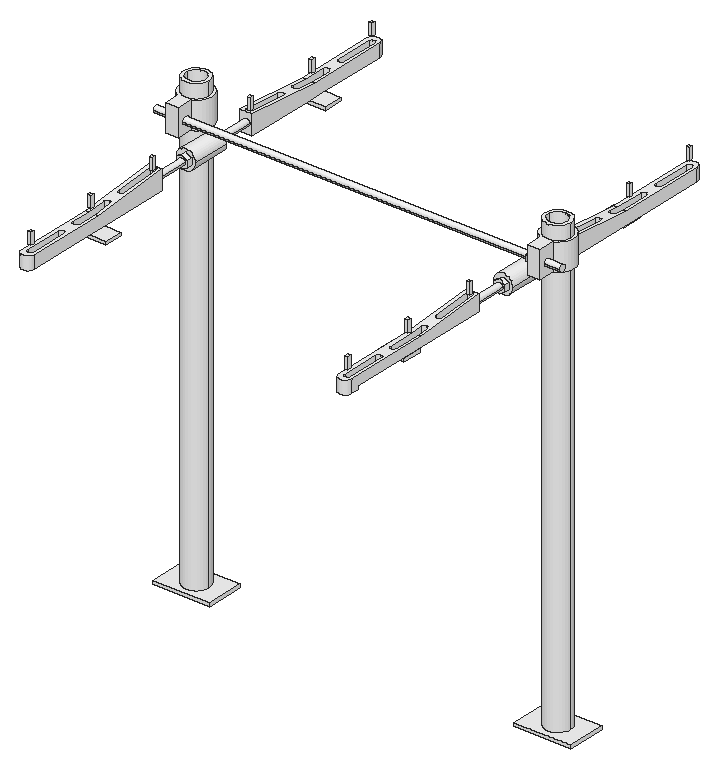
Revit family "Plumbing Fixture-Water_Closet_Carrier_Mifab_MC-41D-R", category Plumbing Fixtures, host Face, Revit 2013
Parameters (values of type "41D-R")
  WFU = 0
  URL = "www.mifab.com"
  Model = "MC-41D-R"
  Manufacturer = "MIFAB"
  Floor Drain Material = Paint - Sherwin Williams Paint - #952C2A - Bellwood Red
  Description = "Back To Back Fixture Carrier With Concealed Arms And Round Uprights For Ada Lavatories"
  Default Elevation = 0.000"
  Assembly Code = ""
Reference planes (in)
  plane 1 "Center (Front/Back)": y = 0
  plane 2: z = 0
  plane 3 "Center (Left/Right)": x = 0
Forms (in)
  Extrusion 1, solid, material "Paint - Sherwin Williams Paint - #952C2A - Bellwood Red" <- "Floor Drain Material"
    sketch origin (-0.29196, 0, 0) x (1, 0, 0) y (0, 1, 0)
      loop
        line (-16.49824, 1.5) -> (-16.49824, -1.5) -> (-11.99824, -1.5) -> (-11.99824, 1.5) -> (-16.49824, 1.5)
      loop
        line (16.50176, 1.5) -> (12.00176, 1.5) -> (12.00176, -1.5) -> (16.50176, -1.5) -> (16.50176, 1.5)
    from 0 to 0.25
  Extrusion 2, solid, material "Paint - Sherwin Williams Paint - #952C2A - Bellwood Red" <- "Floor Drain Material"
    sketch origin (-0.29196, 0, 0) x (1, 0, 0) y (0, 1, 0)
      loop
        circle (14.25176, 0) r 1
      loop
        circle (14.25176, 0) r 0.75
      loop
        circle (-14.24824, 0) r 1
      loop
        circle (-14.24824, 0) r 0.75
    from 0.25 to 36
  Extrusion 3, solid, material "Paint - Sherwin Williams Paint - #952C2A - Bellwood Red" <- "Floor Drain Material"
    sketch origin (11.65492, 0.03947, -1.5) x (0, 1, 0) y (0, 0, 1)
      loop
        line (-6.17964, 33.09919) -> (-6.17964, 34.3425) -> (-11.80094, 33.8507) -> (-18.14504, 33.8507) -> (-18.14504, 33.09919) -> (-6.17964, 33.09919)
    from 0 to 1
  Extrusion 4, solid, material "Paint - Sherwin Williams Paint - #952C2A - Bellwood Red" <- "Floor Drain Material"
    sketch origin (-2.04196, 41.8128, -1.23753) x (1, 0, 0) y (0, 0, 1)
      loop
        circle (14.25176, 33.3507) r 0.25
      loop
        circle (-10.74824, 33.3507) r 0.25
    from 45.38789 to 47.95296
  Extrusion 5, solid, material "Paint - Sherwin Williams Paint - #952C2A - Bellwood Red" <- "Floor Drain Material"
    sketch origin (-0.29196, -1.6872, -1.5) x (1, 0, 0) y (0, 0, 1)
      loop
        line (12.05665, 33.87016) -> (12.05665, 33.35618) -> (12.50176, 33.09919) -> (12.94688, 33.35618) -> (12.94688, 33.87016) -> (12.50176, 34.12715) -> (12.05665, 33.87016)
      loop
        line (-12.05312, 33.87016) -> (-12.49824, 34.12715) -> (-12.94335, 33.87016) -> (-12.94335, 33.35618) -> (-12.49824, 33.09919) -> (-12.05312, 33.35618) -> (-12.05312, 33.87016)
    from 1.5 to 1.88789
  Extrusion 6, solid, material "Paint - Sherwin Williams Paint - #952C2A - Bellwood Red" <- "Floor Drain Material"
    sketch origin (-12.33166, -0.5659, -1.5) x (0, 1, 0) y (0, 0, -1)
      loop
        line (-5.57427, -32.8507) -> (-17.53967, -32.8507) -> (-17.53967, -33.8507) -> (-11.80094, -33.8507) -> (-5.57427, -34.39547) -> (-5.57427, -32.8507)
    from 0 to 1
  Extrusion 7, solid, material "Paint - Sherwin Williams Paint - #952C2A - Bellwood Red" <- "Floor Drain Material"
    sketch origin (1.46157, -1.6872, 31.3507) x (-1, 0, 0) y (0, -1, 0)
      loop
        line (13.79323, 16.41836) -> (14.79323, 16.41836) -> (14.79323, 17)
        arc (14.79323, 17) -> (14.29323, 17.5) -> (13.79323, 17) r 0.5
        line (13.79323, 17) -> (13.79323, 16.41836)
    from 0 to 1
  Extrusion 8, solid, material "Paint - Sherwin Williams Paint - #952C2A - Bellwood Red" <- "Floor Drain Material"
    sketch origin (-2.04196, -1.6872, 31.3507) x (1, 0, 0) y (0, 1, 0)
      loop
        line (13.69688, -16.41836) -> (13.69688, -17)
        arc (13.69688, -17) -> (14.19688, -17.5) -> (14.69688, -17) r 0.5
        line (14.69688, -17) -> (14.69688, -16.41836) -> (13.69688, -16.41836)
    from 0 to 1
  Extrusion 9, void
    sketch origin (-0.29196, -1.6872, -1.5) x (1, 0, 0) y (0, 1, 0)
      loop
        line (-12.74824, -4.80094) -> (-12.74824, -7.80094)
        arc (-12.74824, -7.80094) -> (-12.49824, -8.05094) -> (-12.24824, -7.80094) r 0.25
        line (-12.24824, -7.80094) -> (-12.24824, -4.80094)
        arc (-12.24824, -4.80094) -> (-12.49824, -4.55094) -> (-12.74824, -4.80094) r 0.25
      loop
        line (-12.74824, -9.30094) -> (-12.74824, -12.30094)
        arc (-12.74824, -12.30094) -> (-12.49824, -12.55094) -> (-12.24824, -12.30094) r 0.25
        line (-12.24824, -12.30094) -> (-12.24824, -9.30094)
        arc (-12.24824, -9.30094) -> (-12.49824, -9.05094) -> (-12.74824, -9.30094) r 0.25
      loop
        line (-12.74824, -13.80094) -> (-12.74824, -16.80094)
        arc (-12.74824, -16.80094) -> (-12.49824, -17.05094) -> (-12.24824, -16.80094) r 0.25
        line (-12.24824, -16.80094) -> (-12.24824, -13.80094)
        arc (-12.24824, -13.80094) -> (-12.49824, -13.55094) -> (-12.74824, -13.80094) r 0.25
      loop
        arc (12.75176, -4.80094) -> (12.50176, -4.55094) -> (12.25176, -4.80094) r 0.25
        line (12.25176, -4.80094) -> (12.25176, -7.80094)
        arc (12.25176, -7.80094) -> (12.50176, -8.05094) -> (12.75176, -7.80094) r 0.25
        line (12.75176, -7.80094) -> (12.75176, -4.80094)
      loop
        arc (12.75176, -9.30094) -> (12.50176, -9.05094) -> (12.25176, -9.30094) r 0.25
        line (12.25176, -9.30094) -> (12.25176, -12.30094)
        arc (12.25176, -12.30094) -> (12.50176, -12.55094) -> (12.75176, -12.30094) r 0.25
        line (12.75176, -12.30094) -> (12.75176, -9.30094)
      loop
        arc (12.75176, -13.80094) -> (12.50176, -13.55094) -> (12.25176, -13.80094) r 0.25
        line (12.25176, -13.80094) -> (12.25176, -16.80094)
        arc (12.25176, -16.80094) -> (12.50176, -17.05094) -> (12.75176, -16.80094) r 0.25
        line (12.75176, -16.80094) -> (12.75176, -13.80094)
    from 33.29844 to 34.37564
  Extrusion 10, solid, material "Paint - Sherwin Williams Paint - #952C2A - Bellwood Red" <- "Floor Drain Material"
    sketch origin (-2.04196, -1.6872, -1.5) x (1, 0, 0) y (0, 1, 0)
      loop
        line (14.37676, -16.67594) -> (14.12676, -16.67594) -> (14.12676, -16.92594) -> (14.37676, -16.92594) -> (14.37676, -16.67594)
      loop
        line (14.37676, -4.95816) -> (14.37676, -4.74539) -> (14.12676, -4.74539) -> (14.12676, -4.95816) -> (14.37676, -4.95816)
      loop
        line (-10.87324, -16.67594) -> (-10.87324, -16.92594) -> (-10.62324, -16.92594) -> (-10.62324, -16.67594) -> (-10.87324, -16.67594)
      loop
        line (-10.87324, -4.95816) -> (-10.62324, -4.95816) -> (-10.62324, -4.70816) -> (-10.87324, -4.70816) -> (-10.87324, -4.95816)
    from 33.29844 to 35.29844
  Extrusion 11, solid, material "Paint - Sherwin Williams Paint - #952C2A - Bellwood Red" <- "Floor Drain Material"
    sketch origin (-2.04196, -1.6872, -0.85721) x (1, 0, 0) y (0, 1, 0)
      loop
        line (12.50176, -10.07993) -> (12.50176, -11.57993) -> (14.50176, -11.57993) -> (14.50176, -10.07993) -> (12.50176, -10.07993)
      loop
        line (-8.99824, -10.07993) -> (-10.99824, -10.07993) -> (-10.99824, -11.57993) -> (-8.99824, -11.57993) -> (-8.99824, -10.07993)
    from 31.95792 to 32.20792
  Extrusion 12, solid, material "Paint - Sherwin Williams Paint - #952C2A - Bellwood Red" <- "Floor Drain Material"
    sketch origin (-2.04196, 4.2109, -1.5) x (1, 0, 0) y (0, 1, 0)
      loop
        line (14.37676, -16.67594) -> (14.12676, -16.67594) -> (14.12676, -16.92594) -> (14.37676, -16.92594) -> (14.37676, -16.67594)
      loop
        line (-10.87324, -16.67594) -> (-10.87324, -16.92594) -> (-10.62324, -16.92594) -> (-10.62324, -16.67594) -> (-10.87324, -16.67594)
    from 33.29844 to 35.29844
  Extrusion 13, solid, material "Paint - Sherwin Williams Paint - #952C2A - Bellwood Red" <- "Floor Drain Material"
    sketch origin (63.95522, -0.89604, -2.25) x (0, 1, 0) y (0, 0, 1)
      loop
        circle (-0.85396, 36.06641) r 0.25
    from -80.24542 to -48.24542
  Extrusion 14, solid, material "Paint - Sherwin Williams Paint - #952C2A - Bellwood Red" <- "Floor Drain Material"
    sketch origin (11.65492, -3.41387, -1.5) x (0, -1, 0) y (0, 0, -1)
      loop
        line (-6.17964, -32.8507) -> (-18.14504, -32.8507) -> (-18.14504, -33.8507) -> (-11.80094, -33.8507) -> (-6.17964, -34.3425) -> (-6.17964, -32.8507)
    from 0 to 1
  Extrusion 15, solid, material "Paint - Sherwin Williams Paint - #952C2A - Bellwood Red" <- "Floor Drain Material"
    sketch origin (-2.04196, -1.6872, -1.23753) x (1, 0, 0) y (0, 0, -1)
      loop
        circle (14.25176, -33.3507) r 0.25
      loop
        circle (-10.74824, -33.3507) r 0.25
    from 1.88789 to 4.45296
  Extrusion 16, solid, material "Paint - Sherwin Williams Paint - #952C2A - Bellwood Red" <- "Floor Drain Material"
    sketch origin (-0.29196, -1.6872, -1.5) x (1, 0, 0) y (0, 0, -1)
      loop
        line (12.05665, -33.87016) -> (12.50176, -34.12715) -> (12.94688, -33.87016) -> (12.94688, -33.35618) -> (12.50176, -33.09919) -> (12.05665, -33.35618) -> (12.05665, -33.87016)
      loop
        line (-12.05312, -33.87016) -> (-12.05312, -33.35618) -> (-12.49824, -33.09919) -> (-12.94335, -33.35618) -> (-12.94335, -33.87016) -> (-12.49824, -34.12715) -> (-12.05312, -33.87016)
    from 1.5 to 1.88789
  Extrusion 17, solid, material "Paint - Sherwin Williams Paint - #952C2A - Bellwood Red" <- "Floor Drain Material"
    sketch origin (-12.33166, -2.80851, -1.5) x (0, -1, 0) y (0, 0, 1)
      loop
        line (-5.57427, 32.8507) -> (-5.57427, 34.39547) -> (-11.80094, 33.8507) -> (-17.53967, 33.8507) -> (-17.53967, 32.8507) -> (-5.57427, 32.8507)
    from 0 to 1
  Extrusion 18, solid, material "Paint - Sherwin Williams Paint - #952C2A - Bellwood Red" <- "Floor Drain Material"
    sketch origin (1.46157, -1.6872, 31.3507) x (-1, 0, 0) y (0, -1, 0)
      loop
        line (13.79323, -16.41836) -> (13.79323, -17)
        arc (13.79323, -17) -> (14.29323, -17.5) -> (14.79323, -17) r 0.5
        line (14.79323, -17) -> (14.79323, -16.41836) -> (13.79323, -16.41836)
    from 0 to 1
  Extrusion 19, solid, material "Paint - Sherwin Williams Paint - #952C2A - Bellwood Red" <- "Floor Drain Material"
    sketch origin (-2.04196, -1.6872, 31.3507) x (1, 0, 0) y (0, 1, 0)
      loop
        line (13.69688, 16.41836) -> (14.69688, 16.41836) -> (14.69688, 17)
        arc (14.69688, 17) -> (14.19688, 17.5) -> (13.69688, 17) r 0.5
        line (13.69688, 17) -> (13.69688, 16.41836)
    from 0 to 1
  Extrusion 20, void
    sketch origin (-0.29196, -1.6872, -1.5) x (1, 0, 0) y (0, 1, 0)
      loop
        arc (-12.74824, 4.80094) -> (-12.49824, 4.55094) -> (-12.24824, 4.80094) r 0.25
        line (-12.24824, 4.80094) -> (-12.24824, 7.80094)
        arc (-12.24824, 7.80094) -> (-12.49824, 8.05094) -> (-12.74824, 7.80094) r 0.25
        line (-12.74824, 7.80094) -> (-12.74824, 4.80094)
      loop
        arc (-12.74824, 9.30094) -> (-12.49824, 9.05094) -> (-12.24824, 9.30094) r 0.25
        line (-12.24824, 9.30094) -> (-12.24824, 12.30094)
        arc (-12.24824, 12.30094) -> (-12.49824, 12.55094) -> (-12.74824, 12.30094) r 0.25
        line (-12.74824, 12.30094) -> (-12.74824, 9.30094)
      loop
        arc (-12.74824, 13.80094) -> (-12.49824, 13.55094) -> (-12.24824, 13.80094) r 0.25
        line (-12.24824, 13.80094) -> (-12.24824, 16.80094)
        arc (-12.24824, 16.80094) -> (-12.49824, 17.05094) -> (-12.74824, 16.80094) r 0.25
        line (-12.74824, 16.80094) -> (-12.74824, 13.80094)
      loop
        line (12.75176, 4.80094) -> (12.75176, 7.80094)
        arc (12.75176, 7.80094) -> (12.50176, 8.05094) -> (12.25176, 7.80094) r 0.25
        line (12.25176, 7.80094) -> (12.25176, 4.80094)
        arc (12.25176, 4.80094) -> (12.50176, 4.55094) -> (12.75176, 4.80094) r 0.25
      loop
        line (12.75176, 9.30094) -> (12.75176, 12.30094)
        arc (12.75176, 12.30094) -> (12.50176, 12.55094) -> (12.25176, 12.30094) r 0.25
        line (12.25176, 12.30094) -> (12.25176, 9.30094)
        arc (12.25176, 9.30094) -> (12.50176, 9.05094) -> (12.75176, 9.30094) r 0.25
      loop
        line (12.75176, 13.80094) -> (12.75176, 16.80094)
        arc (12.75176, 16.80094) -> (12.50176, 17.05094) -> (12.25176, 16.80094) r 0.25
        line (12.25176, 16.80094) -> (12.25176, 13.80094)
        arc (12.25176, 13.80094) -> (12.50176, 13.55094) -> (12.75176, 13.80094) r 0.25
    from 33.29844 to 34.37564
  Extrusion 21, solid, material "Paint - Sherwin Williams Paint - #952C2A - Bellwood Red" <- "Floor Drain Material"
    sketch origin (-2.04196, -1.6872, -1.5) x (1, 0, 0) y (0, 1, 0)
      loop
        line (14.37676, 16.67594) -> (14.37676, 16.92594) -> (14.12676, 16.92594) -> (14.12676, 16.67594) -> (14.37676, 16.67594)
      loop
        line (14.37676, 4.95816) -> (14.12676, 4.95816) -> (14.12676, 4.74539) -> (14.37676, 4.74539) -> (14.37676, 4.95816)
      loop
        line (-10.87324, 16.67594) -> (-10.62324, 16.67594) -> (-10.62324, 16.92594) -> (-10.87324, 16.92594) -> (-10.87324, 16.67594)
      loop
        line (-10.87324, 4.95816) -> (-10.87324, 4.70816) -> (-10.62324, 4.70816) -> (-10.62324, 4.95816) -> (-10.87324, 4.95816)
    from 33.29844 to 35.29844
  Extrusion 22, solid, material "Paint - Sherwin Williams Paint - #952C2A - Bellwood Red" <- "Floor Drain Material"
    sketch origin (-2.04196, -1.6872, -0.85721) x (1, 0, 0) y (0, 1, 0)
      loop
        line (12.50176, 10.07993) -> (14.50176, 10.07993) -> (14.50176, 11.57993) -> (12.50176, 11.57993) -> (12.50176, 10.07993)
      loop
        line (-8.99824, 10.07993) -> (-8.99824, 11.57993) -> (-10.99824, 11.57993) -> (-10.99824, 10.07993) -> (-8.99824, 10.07993)
    from 31.95792 to 32.20792
  Extrusion 23, solid, material "Paint - Sherwin Williams Paint - #952C2A - Bellwood Red" <- "Floor Drain Material"
    sketch origin (-2.04196, -7.58531, -1.5) x (1, 0, 0) y (0, 1, 0)
      loop
        line (14.37676, 16.67594) -> (14.37676, 16.92594) -> (14.12676, 16.92594) -> (14.12676, 16.67594) -> (14.37676, 16.67594)
      loop
        line (-10.87324, 16.67594) -> (-10.62324, 16.67594) -> (-10.62324, 16.92594) -> (-10.87324, 16.92594) -> (-10.87324, 16.67594)
    from 33.29844 to 35.29844
  Extrusion 24, solid, material "Paint - Sherwin Williams Paint - #952C2A - Bellwood Red" <- "Floor Drain Material"
    sketch origin (0, 0, 0) x (1, 0, 0) y (0, 1, 0)
      loop
        arc (14.4598, -1.14564) -> (13.96085, 1.25) -> (13.45787, -1.1448) r 1.25
        line (13.45787, -1.1448) -> (13.45787, -2.36891) -> (14.4598, -2.36891) -> (14.4598, -1.14564)
      loop
        circle (13.9598, 0) r 1
      loop
        line (-15.0402, -1.14564) -> (-15.0402, -2.36891) -> (-14.0402, -2.36891) -> (-14.0402, -1.14564)
        arc (-14.0402, -1.14564) -> (-14.5402, 1.25) -> (-15.0402, -1.14564) r 1.25
      loop
        circle (-14.5402, 0) r 1
    from 32.8507 to 34.95792
  Extrusion 25, solid
    sketch origin (0, 0, 0) x (0, 1, 0) y (0, 0, 1)
      loop
        circle (-1.75, 33.81641) r 0.25
      loop
        line (-1.75, 34.21624) -> (-2.09627, 34.01632) -> (-2.09627, 33.61649) -> (-1.75, 33.41657) -> (-1.40373, 33.61649) -> (-1.40373, 34.01632) -> (-1.75, 34.21624)
    from 13.14287 to 13.45787
  Extrusion 26, solid
    sketch origin (0, 0, 0) x (0, 1, 0) y (0, 0, 1)
      loop
        circle (-1.75, 33.81641) r 0.25
      loop
        line (-1.75, 34.21624) -> (-2.09627, 34.01632) -> (-2.09627, 33.61649) -> (-1.75, 33.41657) -> (-1.40373, 33.61649) -> (-1.40373, 34.01632) -> (-1.75, 34.21624)
    from 13.14287 to 13.45787
  Extrusion 27, solid, material "Paint - Sherwin Williams Paint - #952C2A - Bellwood Red" <- "Floor Drain Material"
    sketch origin (0, 0, -1.5) x (1, 0, 0) y (0, 0, 1)
      loop
        circle (-12.7902, 33.61317) r 0.75997
      loop
        circle (12.2098, 33.61317) r 0.75997
    from 0.1872 to 3.1872
Cuts and joins
  Extrusion 9, Extrusion 20 cuts Extrusion 3
  Extrusion 9, Extrusion 20 cuts Extrusion 6
  Extrusion 9, Extrusion 20 cuts Extrusion 7
  Extrusion 9, Extrusion 20 cuts Extrusion 8
  Extrusion 9, Extrusion 20 cuts Extrusion 10
  Extrusion 9, Extrusion 20 cuts Extrusion 12
  Extrusion 20 cuts Extrusion 14
  Extrusion 20 cuts Extrusion 17
  Extrusion 20 cuts Extrusion 18
  Extrusion 20 cuts Extrusion 19
  Extrusion 20 cuts Extrusion 21
  Extrusion 20 cuts Extrusion 23
  joined: Extrusion 2, Extrusion 3, Extrusion 5, Extrusion 6, Extrusion 7, Extrusion 8, Extrusion 10, Extrusion 11, Extrusion 12, Extrusion 13, Extrusion 14, Extrusion 15, Extrusion 16, Extrusion 17, Extrusion 18, Extrusion 19, Extrusion 21, Extrusion 22, Extrusion 23, Extrusion 24, Extrusion 27
Dimensions and locks (in)
  Extrusion 1 sketch curve to Extrusion 1 sketch curve = 24.000"  (x2)
  locked: Extrusion 1 sketch curve to Extrusion 1 sketch curve at 4.5  (x2)
  aligned and locked: plane 2 to host face
  aligned and locked: level to host face
  aligned and locked: Extrusion 2 to Extrusion 1
  aligned and locked: Extrusion 6 to Extrusion 4
  aligned and locked: Extrusion 5 to Extrusion 4
  aligned and locked: Extrusion 8 to cut or joined group 1 (Extrusion 2, Extrusion 3, Extrusion 5, Extrusion 6, Extrusion 7, Extrusion 8, Extrusion 9, Extrusion 10, Extrusion 11, Extrusion 12, Extrusion 13, Extrusion 14, Extrusion 15, Extrusion 16, Extrusion 17, Extrusion 18, Extrusion 19, Extrusion 20, Extrusion 21, Extrusion 22, Extrusion 23, Extrusion 24, Extrusion 27)
  aligned and locked: Extrusion 6 to cut or joined group 1  (x2)
  aligned and locked: Extrusion 15 to Extrusion 17
  aligned and locked: Extrusion 15 to Extrusion 16
  aligned and locked: Extrusion 14 to Extrusion 19
  aligned and locked: Extrusion 3 to Extrusion 8
  aligned and locked: Extrusion 8 to Extrusion 3
  aligned and locked: Extrusion 25 to Extrusion 24
  aligned and locked: Extrusion 27 to cut or joined group 1  (x2)
